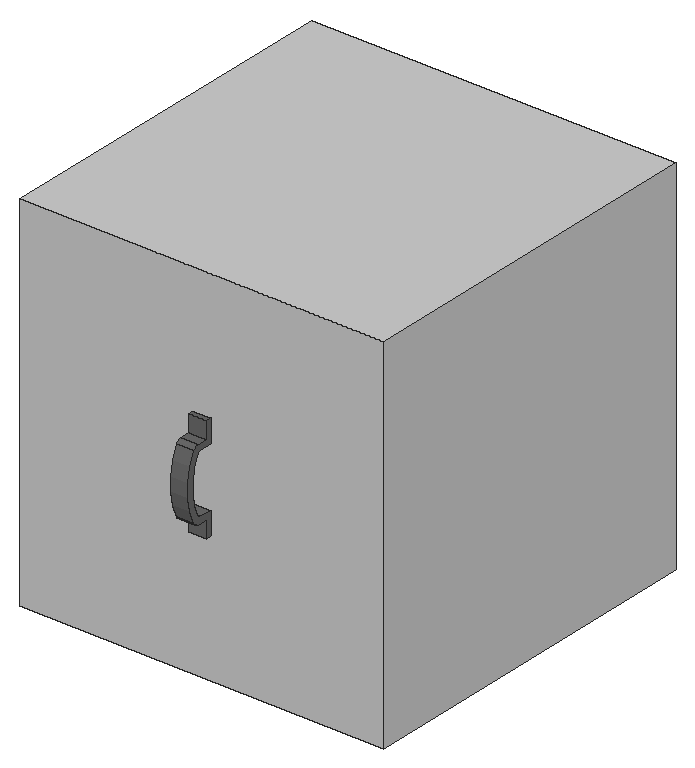
Revit family "VENTS-VS_EC", category Mechanical Equipment, Revit 2019
Family settings
  Round Connector Dimension = Use Diameter
  Classification = None
  Part Type = Breaks Into
  OmniClass Number = 23.75.35.17.11
  OmniClass Title = Fans for Air Ductwork
  Work Plane-Based = No
  Always vertical = Yes
  Cut with Voids When Loaded = No
  Shared = No
  Room Calculation Point = No
Parameters (values of type "VS 355 ЕС")
  gsD = A / 2  # 250 mm
  eL = 80 mm  # constant formula
  eH = 80 mm  # constant formula
  conA = A / 2  # 250 mm
  Weight = 29.30 kg
  Voltage = 230 V
  URL = "https://ventilation-system.com/product/vs-355-ec"
  Type Comments = "Inline centrifugal fan VS 355 ЕС"
  Transported Air Temperature (°C) = "-25...+60"
  Standard Service Side [instance] = yes
  RPM (min-1) = 1450
  Protection rating = "IPX4"
  Power Factor = 1
  Power = 250 W
  Plastic Material = Polypropylene Black
  Perpendicularly Air Flow [instance] = not(Directly Air Flow)  # no
  Number of Poles = 1
  Not Standard Service Side [instance] = not(Standard Service Side)  # no
  Noise Level at 3 m (dBa) = 44
  Model = "VS 355 ЕС"
  Maximum Air Flow Perpendicularly = 3830 m³/h
  Maximum Air Flow Directly = 3639 m³/h
  Manufacturer = "Vents"
  Maintenance Zone Standard [instance] = if(Maintenance Zone, if(Standard Service Side, 1 = 1, 1 = 0), 1 = 0)  # no
  Maintenance Zone NotStandard [instance] = if(Maintenance Zone, if(Standard Service Side, 1 = 0, 1 = 1), 1 = 0)  # no
  Maintenance Zone Material = Maintenance Zone
  Maintenance Zone Depth = 500 mm
  Maintenance Zone [instance] = no
  Load Classification = HVAC
  Flow direction symbol [instance] = yes
  Flow Factor [instance] = 1  # constant formula
  Family Version = "1.0"  # constant formula
  Directly Air Flow [instance] = yes
  Din = A / 2  # 250 mm
  Description = "Inline centrifugal fan in sound insulated casing"
  Current = 1.1 A
  Copyright = "©Vents"
  Connection H = 445 mm
  Connection W = 445 mm
  Casing Material = Fan Zinc
  AngElCon [instance] = if(Standard Service Side, 0.00°, 180.00°)  # 0.00°
  AngDuctCon [instance] = if(Directly Air Flow, 90.00°, 180.00°)  # 90.00°
  A = 500 mm
  Apparent Power = Power / Power Factor  # 250 VA
  Air Flow [instance] = 0 m³/h
Types (7, lengths in mm): name | gsD | conA | Weight | Voltage | URL | Type Comments | Transported Air Temperature (°C) | RPM (min-1) | Power | Number of Poles | Noise Level at 3 m (dBa) | Model | Maximum Air Flow Perpendicularly | Maximum Air Flow Directly | Maintenance Zone Depth | Din | Current | Connection H | Connection W | A | Apparent Power
  VS 315 ЕС | 250 | 250 | 25.70 kg | 230 V | "https://ventilation-system.com/product/vs-315-ec" | "Inline centrifugal fan VS 315 ЕС" | "-40...+80" | 1600 | 150 W | 1 | 35 | "VS 315 ЕС" | 2370 m³/h | 2252 m³/h | 500 | 250 | 1.23 A | 445 | 445 | 500 | 150 VA
  VS 355 ЕС | 250 | 250 | 29.30 kg | 230 V | "https://ventilation-system.com/product/vs-355-ec" | "Inline centrifugal fan VS 355 ЕС" | "-25...+60" | 1450 | 250 W | 1 | 44 | "VS 355 ЕС" | 3830 m³/h | 3639 m³/h | 500 | 250 | 1.1 A | 445 | 445 | 500 | 250 VA
  VS 400 ЕС | 335 | 335 | 42.20 kg | 230 V | "https://ventilation-system.com/product/vs-400-ec" | "Inline centrifugal fan VS 400 ЕС" | "-25...+50" | 1500 | 500 W | 1 | 39 | "VS 400 ЕС" | 5660 m³/h | 5377 m³/h | 670 | 335 | 2.2 A | 615 | 615 | 670 | 500 VA
  VS 450 ЕС | 335 | 335 | 46.30 kg | 230 V | "https://ventilation-system.com/product/vs-450-ec" | "Inline centrifugal fan VS 450 ЕС" | "-25...+60" | 1440 | 750 W | 1 | 50 | "VS 450 ЕС" | 6800 m³/h | 6460 m³/h | 670 | 335 | 3.3 A | 615 | 615 | 670 | 750 VA
  VS 500 ЕС | 335 | 335 | 50.00 kg | 400 V | "https://ventilation-system.com/product/vs-500-ec" | "Inline centrifugal fan VS 500 ЕС" | "-20...+50" | 1350 | 1320 W | 3 | 45 | "VS 500 ЕС" | 10450 m³/h | 9928 m³/h | 670 | 335 | 2.1 A | 615 | 615 | 670 | 1320 VA
  VS 560 ЕС | 400 | 400 | 60.50 kg | 400 V | "https://ventilation-system.com/product/vs-560-ec" | "Inline centrifugal fan VS 560 ЕС" | "-25...+60" | 1540 | 2360 W | 3 | 50 | "VS 560 ЕС" | 13600 m³/h | 12920 m³/h | 800 | 400 | 3.65 A | 745 | 745 | 800 | 2360 VA
  VS 630 ЕС | 400 | 400 | 69.00 kg | 400 V | "https://ventilation-system.com/product/vs-630-ec" | "Inline centrifugal fan VS 630 ЕС" | "-25...+55" | 1300 | 2750 W | 3 | 50 | "VS 630 ЕС" | 16740 m³/h | 15903 m³/h | 800 | 400 | 4.3 A | 745 | 745 | 800 | 2750 VA
Reference planes
  plane 1 "Center (Front/Back)": y = 0
  plane 2: z = 0
  plane 3 "Center (Left/Right)": x = 90
  plane 4 "Right": x = 340
  plane 5 "Back": y = 250
  plane 6 "Front": y = -250
  plane 7 "Top": z = 250
  plane 8 "Bottom": z = -250
  plane 9 "Left": x = -160
  plane 10 "ElConL": x = 260
  plane 11 "ElConH": z = -170
Forms (mm)
  Extrusion 1, solid, material "Fan Zinc" <- "Casing Material", detail levels medium+fine
    sketch origin (-699.46, -1524, -250) x (-1, 0, 0) y (0, -1, 0)
      loop
        line (-539.46, -1774) -> (-539.46, -1274) -> (-1039.46, -1274) -> (-1039.46, -1774) -> (-539.46, -1774)
    from 0 to 500
Lines and regions (mm)
  reference lines
    curve 1: line (90, 0, 0) -> (340, 0, 0)
    curve 14: line (260, 0, -170) -> (260, 250, -170)
  model lines, detail levels coarse
    curve 2: line (-160, 250, -250) -> (340, 250, -250)
    curve 3: line (-160, -250, -250) -> (-160, 250, -250)
    curve 4: line (340, -250, -250) -> (-160, -250, -250)
    curve 5: line (340, 250, -250) -> (340, -250, -250)
    curve 6: line (-160, 250, 250) -> (340, 250, 250)
    curve 7: line (-160, -250, 250) -> (-160, 250, 250)
    curve 8: line (340, -250, 250) -> (-160, -250, 250)
    curve 9: line (340, 250, 250) -> (340, -250, 250)
    curve 10: line (-160, 250, 250) -> (-160, 250, -250)
    curve 11: line (340, 250, 250) -> (340, 250, -250)
    curve 12: line (-160, -250, 250) -> (-160, -250, -250)
    curve 13: line (340, -250, 250) -> (340, -250, -250)
Dimensions and locks
  equal spacing: plane 5 "Back", plane 1 "Center (Front/Back)", plane 6 "Front"
  "A": plane 5 "Back" to plane 6 "Front"
  equal spacing: plane 7 "Top", level, plane 8 "Bottom"
  "A": plane 7 "Top" to plane 8 "Bottom"
  equal spacing: plane 9 "Left", plane 3 "Center (Left/Right)", plane 4 "Right"
  "A": plane 9 "Left" to plane 4 "Right"
  "conA": curve 1 to curve 1
  "eH": plane 11 "ElConH" to plane 8 "Bottom"
  "conA": curve 14 to curve 14
  "eL": plane 10 "ElConL" to plane 4 "Right"
  "AngDuctCon": angle plane 3 "Center (Left/Right)" to curve 1
  "AngElCon": angle curve 14 to plane 10 "ElConL"
  aligned and locked: level to plane 2
  aligned and locked: Extrusion 1 sketch curve to plane 5 "Back"
  aligned and locked: plane 9 "Left" to Extrusion 1 sketch curve
  aligned and locked: plane 6 "Front" to Extrusion 1 sketch curve
  aligned and locked: Extrusion 1 sketch curve to plane 4 "Right"
  aligned and locked: plane 7 "Top" to Extrusion 1
  aligned and locked: Extrusion 1 to plane 8 "Bottom"
  aligned and locked: plane 3 "Center (Left/Right)" to curve 1
  aligned and locked: level to curve 1
  aligned and locked: nested 1 to plane 2
  aligned and locked: plane 3 "Center (Left/Right)" to nested 1
  aligned and locked: nested 2 to plane 2
  aligned and locked: plane 3 "Center (Left/Right)" to nested 2
  aligned and locked: plane 3 "Center (Left/Right)" to nested 3
  aligned and locked: plane 2 to nested 3
  aligned and locked: plane 2 to nested 4
  aligned and locked: plane 3 "Center (Left/Right)" to nested 4
  aligned and locked: plane 3 "Center (Left/Right)" to nested 5
  aligned and locked: plane 1 "Center (Front/Back)" to nested 5
  aligned and locked: plane 1 "Center (Front/Back)" to nested 6
  aligned and locked: plane 3 "Center (Left/Right)" to nested 6
  aligned and locked: curve 2 to Extrusion 1
  aligned and locked: curve 3 to nested 4
  aligned and locked: curve 4 to Extrusion 1
  aligned and locked: curve 5 to Extrusion 1
  aligned and locked: curve 6 to curve 2
  aligned and locked: curve 7 to curve 3
  aligned and locked: curve 8 to curve 4
  aligned and locked: curve 9 to curve 5
  aligned and locked: curve 10 to plane 9 "Left"
  aligned and locked: plane 4 "Right" to curve 11
  aligned and locked: curve 12 to plane 9 "Left"
  aligned and locked: curve 13 to plane 4 "Right"
  aligned and locked: nested 7 to plane 2
  aligned and locked: plane 3 "Center (Left/Right)" to nested 7
  aligned and locked: plane 10 "ElConL" to curve 14
  aligned and locked: plane 1 "Center (Front/Back)" to curve 14
  aligned and locked: curve 1 to nested 8
  aligned and locked: nested 9 to plane 1 "Center (Front/Back)"
  aligned and locked: level to nested 9
Automatic sketch dimensions
  curve 10 to plane 8 "Bottom" = 0 mm
  curve 11 to plane 8 "Bottom" = 0 mm
  curve 11 to plane 7 "Top" = 0 mm
  curve 10 to plane 7 "Top" = 0 mm
  curve 12 to plane 8 "Bottom" = 0 mm
  curve 13 to plane 8 "Bottom" = 0 mm
  curve 13 to plane 7 "Top" = 0 mm
  curve 12 to plane 7 "Top" = 0 mm
Nested families
  nested 1: "Handle" at (90, -250, 0) x (0, 0, -1) z (0, -1, 0), visible <- "Standard Service Side", type "Handle", detail levels fine
  nested 2: "Handle" at (90, 250, 0) x (0, 0, -1) z (0, 1, 0), visible <- "Not Standard Service Side", type "Handle", detail levels fine
  nested 3: "MaintenanceZone_Rect" at (90, -250, 0) x (1, 0, 0) z (0, 1, 0), visible <- "Maintenance Zone Standard", type "MaintenanceZone_Rect", detail levels medium+fine
    with Maintenance Zone Length 500 mm, Maintenance Zone Height 500 mm
  nested 4: "MaintenanceZone_Rect" at (90, 250, 0) x (1, 0, 0) z (0, -1, 0), visible <- "Maintenance Zone NotStandard", type "MaintenanceZone_Rect", detail levels medium+fine
    with Maintenance Zone Length 500 mm, Maintenance Zone Height 500 mm
  nested 5: "GraphicalSymbol_Fan_2" at (90, 0, 250), type "GraphicalSymbol_Fan_2", detail levels coarse
    with Diameter 250 mm, B 120 mm, A 87.5 mm
  nested 6: "GraphicalSymbol_Fun_FlowDirection" at (90, 0, 250), visible <- "Flow direction symbol", type "GraphicalSymbol_Fun_FlowDirection", detail levels medium+fine
  nested 7: "GraphicalSymbol_Fun_FlowDirection" at (90, -250, 0) x (1, 0, 0) z (0, -1, 0), visible <- "Flow direction symbol", type "GraphicalSymbol_Fun_FlowDirection", detail levels medium+fine
  nested 8: "RectConnection" at (340, 0, 0) x (0, -1, 0) z (1, 0, 0), type "RectConnection", detail levels medium+fine
    with B 445 mm, A 445 mm
  nested 9: "RectConnection" at (-160, 0, 0) x (0, 1, 0) z (-1, 0, 0), type "RectConnection", detail levels medium+fine
    with B 445 mm, A 445 mm
Connectors
  hvac at (340, 0, 0), driven by "Connection H", driven by "Connection W", driven by "Air Flow"
    settings: on curve 1, index 1, duct flow 0 m³/h, flow factor 0, pres drop 0.0 Pa, loss coef 0, conn angle 0.00°, conn width 445 mm, conn height 445 mm, conn diameter 609.6 mm, duct sys type 29, conn prof type 1, flow config 0, flow direction 2, loss method 0, conn ref index 2, conn util no, is conn primary no, conn desc ""
  hvac at (-160, 0, 0), driven by "Connection H", driven by "Connection W", driven by "Air Flow"
    settings: on Extrusion 1, index 2, duct flow 0 m³/h, flow factor 0, pres drop 0.0 Pa, loss coef 0, conn angle 0.00°, conn width 445 mm, conn height 445 mm, conn diameter 609.6 mm, duct sys type 29, conn prof type 1, flow config 0, flow direction 1, loss method 0, conn ref index 1, conn util no, is conn primary yes, conn desc ""
  electrical at (260, 250, -170), driven by "Number of Poles", driven by "Load Classification", driven by "Voltage", driven by "Apparent Power", driven by "Flow Factor"
    settings: on curve 14, index 3, voltage 230 V, apparent load 250 VA, apparent load phase1 0 VA, apparent load phase2 0 VA, apparent load phase3 0 VA, power factor 1, load classification "HVAC", number of poles 1, system type 30, power factor state 1, is connector primary yes, connector utility no, sub classification motor no, connector description ""
Definition of nested family "Handle"
  Parameters (values of type "Handle")
    W = 24 mm
    Material = none
    L1 = 98 mm
    L = 145 mm
    H = 40 mm
    Default Elevation = 1219.2 mm
  Reference planes
    plane 1 "Center (Front/Back)": y = 0
    plane 2: z = 0
    plane 3 "Center (Left/Right)": x = 0
    plane 4: x = -72.5
    plane 5: x = 72.5
    plane 6: y = 12
    plane 7 "bottom": y = -12
    plane 8: x = -49
    plane 9: x = 49
    plane 10: z = 40
    plane 11: z = 26
  Forms (mm)
    Extrusion 1, solid, material <- "Material"
      sketch origin (0, 0, 0) x (1, 0, 0) y (0, 0, 1)
        loop
          line (-72.5, 0) -> (-41, 0) -> (-41, 16.533)
          arc (-41, 16.533) -> (-39.762, 20.813) -> (-36.43, 23.771) r 8.016
          arc (-36.43, 23.771) -> (0.006, 32) -> (36.44, 23.766) r 84.75
          arc (36.44, 23.766) -> (39.765, 20.814) -> (41, 16.543) r 8
          line (41, 16.543) -> (41, 0) -> (72.5, 0) -> (72.5, 7.018) -> (49, 7.018) -> (49, 21.445)
          arc (49, 21.445) -> (47.896, 25.489) -> (44.892, 28.412) r 7.962
          arc (44.892, 28.412) -> (0.015, 40) -> (-44.865, 28.427) r 92.75
          arc (-44.865, 28.427) -> (-47.889, 25.486) -> (-49, 21.417) r 8.01
          line (-49, 21.417) -> (-49, 7.018) -> (-72.5, 7.018) -> (-72.5, 0)
      from -12 to 12
  Dimensions and locks
    equal spacing: plane 5, plane 3 "Center (Left/Right)", plane 4
    "L": plane 5 to plane 4
    equal spacing: plane 9, plane 3 "Center (Left/Right)", plane 8
    "L1": plane 9 to plane 8
    "H": plane 10 to level
    plane 11 to level = 26 mm
    "W": plane 6 to plane 7 "bottom"
    equal spacing: plane 6, plane 1 "Center (Front/Back)", plane 7 "bottom"
    aligned and locked: level to plane 2
    aligned and locked: plane 6 to Extrusion 1
    aligned and locked: Extrusion 1 to plane 7 "bottom"
  Automatic sketch dimensions
    Extrusion 1 sketch curve to Extrusion 1 sketch curve = 0 mm  (x4)
    Extrusion 1 sketch curve to level = 0 mm  (x2)
    Extrusion 1 sketch curve to plane 4 = 0 mm
    Extrusion 1 sketch curve to plane 8 = 0 mm
    Extrusion 1 sketch curve to plane 3 "Center (Left/Right)" = 0 mm
    Extrusion 1 sketch curve to plane 9 = 0 mm
    Extrusion 1 sketch curve to plane 5 = 0 mm
    plane 8 to Extrusion 1 sketch curve = 8 mm
    Extrusion 1 sketch curve to Extrusion 1 sketch curve = 0.01 mm
    Extrusion 1 sketch curve to Extrusion 1 sketch curve = 8.016 mm
    Extrusion 1 sketch curve to plane 9 = 16 mm
    Extrusion 1 sketch curve to plane 9 = 8 mm
    Extrusion 1 sketch curve to Extrusion 1 sketch curve = 0.038 mm
    Extrusion 1 sketch curve to level = 52.75 mm
    level to Extrusion 1 sketch curve = 7.018 mm  (x2)
    Extrusion 1 sketch curve to plane 11 = 9.467 mm
    Extrusion 1 sketch curve to plane 11 = 9.457 mm
    Extrusion 1 sketch curve to plane 11 = 4.583 mm
    Extrusion 1 sketch curve to plane 11 = 4.555 mm
Definition of nested family "MaintenanceZone_Rect"
  Parameters (values of type "MaintenanceZone_Rect")
    Maintenance Zone Width = 500 mm
    Material = none
    Maintenance Zone Length = 1000 mm
    Maintenance Zone Height = 300 mm
    Family Version = ""
    Default Elevation = 1219.2 mm
    Copyright = ""
  Reference planes
    plane 1 "Center (Front/Back)": y = 0
    plane 2: z = 0
    plane 3 "Center (Left/Right)": x = 0
    plane 4: x = -500
    plane 5: x = 500
    plane 6: y = 250
    plane 7: y = -250
    plane 8: z = -300
  Forms (mm)
    Extrusion 1, solid, material <- "Material", detail levels medium+fine
      sketch origin (0, 0, 0) x (1, 0, 0) y (0, 1, 0)
        loop
          line (-500, 250) -> (-500, -250) -> (500, -250) -> (500, 250) -> (-500, 250)
      from 0 to -300
  Lines and regions (mm)
    symbolic lines, detail levels medium+fine
      curve 1: line (-500, 0, 0) -> (500, 0, 0)
      curve 2: line (-500, 0, -300) -> (-500, 0, 0)
      curve 3: line (500, 0, -300) -> (-500, 0, -300)
      curve 4: line (500, 0, 0) -> (500, 0, -300)
      curve 5: line (0, 250, 0) -> (0, -250, 0)
      curve 6: line (0, 250, -300) -> (0, 250, 0)
      curve 7: line (0, -250, -300) -> (0, 250, -300)
      curve 8: line (0, -250, 0) -> (0, -250, -300)
      curve 9: line (-500, 250, 0) -> (500, 250, 0)
      curve 10: line (-500, -250, 0) -> (-500, 250, 0)
      curve 11: line (500, -250, 0) -> (-500, -250, 0)
      curve 12: line (500, 250, 0) -> (500, -250, 0)
  Dimensions and locks
    equal spacing: plane 6, plane 1 "Center (Front/Back)", plane 7
    equal spacing: plane 4, plane 3 "Center (Left/Right)", plane 5
    "Maintenance Zone Width": plane 6 to plane 7
    "Maintenance Zone Length": plane 4 to plane 5
    "Maintenance Zone Height": plane 2 to plane 8
    aligned and locked: level to plane 2
    aligned and locked: Extrusion 1 sketch curve to plane 6
    aligned and locked: plane 4 to Extrusion 1 sketch curve
    aligned and locked: plane 7 to Extrusion 1 sketch curve
    aligned and locked: Extrusion 1 sketch curve to plane 5
    aligned and locked: Extrusion 1 to plane 8
    aligned and locked: curve 1 to Extrusion 1
    aligned and locked: curve 2 to Extrusion 1
    aligned and locked: curve 3 to Extrusion 1
    aligned and locked: curve 4 to Extrusion 1
    aligned and locked: curve 5 to Extrusion 1
    aligned and locked: curve 6 to Extrusion 1
    aligned and locked: curve 7 to Extrusion 1
    aligned and locked: curve 8 to Extrusion 1
    aligned and locked: curve 9 to Extrusion 1
    aligned and locked: curve 10 to Extrusion 1
    aligned and locked: curve 11 to Extrusion 1
    aligned and locked: curve 12 to Extrusion 1
Definition of nested family "GraphicalSymbol_Fan_2"
  Parameters (values of type "GraphicalSymbol_Fan_2")
    Diameter = 100 mm
    Default Elevation = 1219.2 mm
    B = Diameter * 0.48  # 48 mm
    A = Diameter * 0.35  # 35 mm
  Reference planes
    plane 1 "Center (Front/Back)": y = 0
    plane 2: z = 0
    plane 3 "Center (Left/Right)": x = 0
    plane 4: x = -35
    plane 5: x = 48
  Lines and regions (mm)
    model lines
      curve 1: circle (0, 0, 0) r 50 normal (0, 0, 1)
      curve 4: line (-35, 35.707, 0) -> (48, 14, 0)
      curve 5: line (-35, -35.707, 0) -> (48, -14, 0)
    reference lines
      curve 2: line (50, 141.389, 0) -> (50, -158.611, 0)
      curve 3: line (-50, 141.389, 0) -> (-50, -158.611, 0)
  Dimensions and locks
    equal spacing: curve 3, plane 3 "Center (Left/Right)", curve 2
    "Diameter": curve 3 to curve 2
    "A": plane 4 to plane 3 "Center (Left/Right)"
    "B": plane 3 "Center (Left/Right)" to plane 5
    "Diameter": diameter of curve 1
    aligned and locked: level to plane 2
  Automatic sketch dimensions
    curve 4 to plane 4 = 0 mm
    curve 5 to plane 4 = 0 mm
    plane 1 "Center (Front/Back)" to curve 1 = 0 mm
    curve 1 to plane 3 "Center (Left/Right)" = 0 mm
    curve 5 to plane 5 = 0 mm
    curve 4 to plane 5 = 0 mm
    plane 1 "Center (Front/Back)" to curve 2 = 158.611 mm
    curve 3 to curve 2 = 0 mm  (x2)
    curve 3 to plane 1 "Center (Front/Back)" = 141.389 mm
Definition of nested family "GraphicalSymbol_Fun_FlowDirection"
  Parameters (values of type "GraphicalSymbol_Fun_FlowDirection")
    Length = 100 mm
    Height = Length  # 100 mm
    B = Length / 2  # 50 mm
    A = Length / 3  # 33.333 mm
  Reference planes
    plane 1 "Center (Front/Back)": y = 0
    plane 2: z = 0
    plane 3 "Center (Left/Right)": x = 0
    plane 4: x = -33.333
    plane 5: x = 50
    plane 6: y = 50
    plane 7: y = -50
  Lines and regions (mm)
    detail lines, in view "Ref. Level"
      curve 1: line (-33.333, 50, 0) -> (-33.333, -50, 0)
      curve 2: line (50, 0, 0) -> (-33.333, -50, 0)
      curve 3: line (50, 0, 0) -> (-33.333, 50, 0)
  Dimensions and locks
    "A": plane 4 to plane 3 "Center (Left/Right)"
    "B": plane 3 "Center (Left/Right)" to plane 5
    equal spacing: plane 6, plane 1 "Center (Front/Back)", plane 7
    "Height": plane 6 to plane 7
    aligned and locked: curve 1 to plane 4
  Automatic sketch dimensions
    plane 1 "Center (Front/Back)" to curve 3 = 0 mm
    curve 3 to plane 5 = 0 mm
    curve 2 to plane 7 = 0 mm
    curve 3 to plane 6 = 0 mm
Definition of nested family "RectConnection"
  Parameters (values of type "RectConnection")
    Default Elevation = 1219.2 mm
    B = 500 mm
    A = 500 mm
  Reference planes
    plane 1 "Center (Front/Back)": y = 0
    plane 2: z = 0
    plane 3 "Center (Left/Right)": x = 0
    plane 4: x = -250
    plane 5: x = 250
    plane 6: y = 250
    plane 7: y = -250
  Lines and regions (mm)
    model lines
      curve 1: line (-250, 250, 0) -> (250, 250, 0)
      curve 2: line (-250, -250, 0) -> (-250, 250, 0)
      curve 3: line (250, -250, 0) -> (-250, -250, 0)
      curve 4: line (250, 250, 0) -> (250, -250, 0)
  Dimensions and locks
    equal spacing: plane 6, plane 1 "Center (Front/Back)", plane 7
    "B": plane 6 to plane 7
    equal spacing: plane 4, plane 3 "Center (Left/Right)", plane 5
    "A": plane 4 to plane 5
    aligned and locked: level to plane 2
    aligned and locked: curve 1 to plane 6
    aligned and locked: plane 4 to curve 2
    aligned and locked: plane 7 to curve 3
    aligned and locked: curve 4 to plane 5
